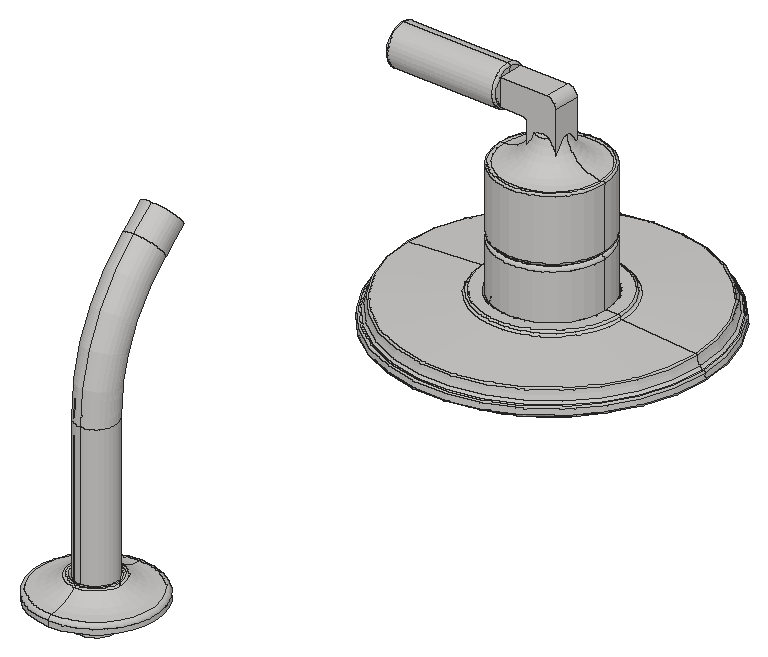
Revit family "fgt14248-lhd_bim", category Plumbing Fixtures, host Face, Revit 2014
Parameters (values of type "Standard")
  Width = 6 65/128"  # constant formula
  Vent Connection = no
  URL = ""
  Manufacturer = ""
  Faucet Material = Metal - Delta - Stainless-Steel
  Model = "fgt14248-lhd"  # constant formula
  Height = 4 9/16"  # constant formula
  Description = "Faucet"  # constant formula
  Depth = 4 33/64"  # constant formula
  Default Elevation = 0"
Reference planes (in)
  plane 1 "Center (Front/Back)": y = 0
  plane 2: z = 0
  plane 3 "Center (Left/Right)": x = 0
  plane 4: y = 2.25781
  plane 5: y = -2.25781
  plane 6: x = 10.125
  plane 7: x = -3.25391
  plane 8: x = 3.25391
  plane 9: z = 4.5625
Forms (in)
  Revolve 1, solid, material "Metal - Delta - Stainless-Steel" <- "Faucet Material"
    sketch origin (0, -0.1416, 0) x (1, 0, 0) y (0, 0, 1)
      loop
        line (-2.98806, -0.14103) -> (-2.80424, -0.14103) -> (-2.80424, 0.33889) -> (-1.01723, 0.33889) -> (-0.71557, 1.615) -> (-0.90056, 2.93121) -> (0, 3.01) -> (0, 3.67) -> (-0.23594, 3.67)
        arc (-0.23594, 3.67) -> (-0.27995, 3.65446) -> (-0.30444, 3.61473) r 0.07009
        arc (-0.30444, 3.61473) -> (-0.55257, 3.196) -> (-1.00235, 3.01) r 0.76931
        line (-1.00235, 3.01) -> (-1.06167, 3.01)
        arc (-1.06167, 3.01) -> (-1.08648, 2.99972) -> (-1.09676, 2.9749) r 0.0351
        line (-1.09676, 2.9749) -> (-1.09681, 1.6968)
        arc (-1.09681, 1.6968) -> (-1.09013, 1.68068) -> (-1.07401, 1.674) r 0.0228
        line (-1.07401, 1.674) -> (-0.82677, 1.674) -> (-0.82677, 1.63573)
        arc (-0.82677, 1.63573) -> (-0.83284, 1.62107) -> (-0.8475, 1.615) r 0.02073
        line (-0.8475, 1.615) -> (-1.033, 1.615)
        arc (-1.033, 1.615) -> (-1.07985, 1.59559) -> (-1.09926, 1.54874) r 0.06626
        line (-1.09926, 1.54874) -> (-1.09926, 0.5148) -> (-1.12268, 0.56502)
        arc (-1.12268, 0.56502) -> (-1.12439, 0.58552) -> (-1.13899, 0.6) r 0.02972
        line (-1.13899, 0.6) -> (-1.38792, 0.6)
        arc (-1.38792, 0.6) -> (-1.41416, 0.59073) -> (-1.42876, 0.56703) r 0.04178
        arc (-1.42876, 0.56703) -> (-1.44514, 0.54028) -> (-1.47463, 0.5296) r 0.04744
        arc (-1.47463, 0.5296) -> (-2.24957, 0.50236) -> (-3.02221, 0.43686) r 15.69152
        arc (-3.02221, 0.43686) -> (-3.04432, 0.42667) -> (-3.05588, 0.40524) r 0.03842
        arc (-3.05588, 0.40524) -> (-3.07661, 0.31853) -> (-3.10801, 0.23509) r 0.71209
        arc (-3.10801, 0.23509) -> (-3.12853, 0.20556) -> (-3.15833, 0.18544) r 0.09783
        line (-3.15833, 0.18544) -> (-3.19147, 0.17108)
        arc (-3.19147, 0.17108) -> (-3.20971, 0.15682) -> (-3.21866, 0.13546) r 0.0459
        line (-3.21866, 0.13546) -> (-3.23453, 0.02435)
        arc (-3.23453, 0.02435) -> (-3.22953, 0.00736) -> (-3.21341, 0) r 0.02134
        line (-3.21341, 0) -> (-2.98806, 0) -> (-2.98806, -0.14103)
      loop
        line (-1.09927, -0.454) -> (-1.03115, -0.454) -> (-1.03115, 0.28) -> (-1.09927, 0.28) -> (-1.09927, -0.454)
      axis (0.01172, 3.67) -> (0.01172, -0.454)
    angle from 0 to 360
  Extrusion 2, solid, material "Metal - Delta - Stainless-Steel" <- "Faucet Material"
    sketch origin (0, 0, 0) x (1, 0, 0) y (0, 0, 1)
      loop
        line (-0.96224, 4.41195) -> (-0.96224, 3.86195) -> (-0.40276, 3.86195)
        arc (-0.40276, 3.86195) -> (-0.32627, 3.83027) -> (-0.29458, 3.75378) r 0.10817
        line (-0.29458, 3.75378) -> (-0.29458, 3.18989) -> (0.31323, 3.18989) -> (0.31323, 4.21322)
        arc (0.31323, 4.21322) -> (0.25502, 4.35375) -> (0.1145, 4.41195) r 0.19873
        line (0.1145, 4.41195) -> (-0.96224, 4.41195)
    from -0.13508 to 0.41442
  Revolve 3, solid, material "Metal - Delta - Stainless-Steel" <- "Faucet Material"
    sketch origin (-0.04688, -0.14063, 0) x (1, 0, 0) y (0, 0, 1)
      loop
        line (-3.13677, 4.13695) -> (-0.83677, 4.13695) -> (-0.83677, 4.5042)
        arc (-0.83677, 4.5042) -> (-0.85051, 4.53736) -> (-0.88367, 4.5511) r 0.0469
        line (-0.88367, 4.5511) -> (-3.08669, 4.5511)
        arc (-3.08669, 4.5511) -> (-3.1221, 4.53643) -> (-3.13677, 4.50102) r 0.05008
        line (-3.13677, 4.50102) -> (-3.13677, 4.13695)
      axis (-0.83677, 4.13695) -> (-3.13677, 4.13695)
    angle from 0 to 360
  Revolve 4, solid, material "Metal - Delta - Stainless-Steel" <- "Faucet Material"
    sketch origin (0, -0.14063, 0) x (1, 0, 0) y (0, 0, 1)
      loop
        line (-0.6159, -1.257) -> (-0.56478, -1.184) -> (-0.56478, -1.079) -> (-0.62202, -1.079) -> (-0.39081, -0.549) -> (-0.39081, 0.5148) -> (-0.85175, 0.5148) -> (-0.85175, -0.43434) -> (-0.71583, -0.43434) -> (-0.71583, -1.08436) -> (-0.67829, -1.11064) -> (-0.67829, -1.18703) -> (-0.71583, -1.18703) -> (-0.71583, -1.224)
        arc (-0.71583, -1.224) -> (-0.70617, -1.24734) -> (-0.68283, -1.257) r 0.033
        line (-0.68283, -1.257) -> (-0.6159, -1.257)
      axis (-0.39081, 0.5148) -> (-0.39081, -1.257)
    angle from 0 to 360
  Revolve 5, solid, material "Metal - Delta - Stainless-Steel" <- "Faucet Material"
    sketch origin (0.03125, -0.14063, 0) x (-1, 0, 0) y (0, 0, -1)
      loop
        line (-0.6159, 1.257) -> (-0.68283, 1.257)
        arc (-0.68283, 1.257) -> (-0.70617, 1.24734) -> (-0.71583, 1.224) r 0.033
        line (-0.71583, 1.224) -> (-0.71583, 1.18703) -> (-0.67829, 1.18703) -> (-0.67829, 1.11064) -> (-0.71583, 1.08436) -> (-0.71583, 0.43434) -> (-0.85175, 0.43434) -> (-0.85175, -0.5148) -> (-0.39081, -0.5148) -> (-0.39081, 0.549) -> (-0.62202, 1.079) -> (-0.56478, 1.079) -> (-0.56478, 1.184) -> (-0.6159, 1.257)
      axis (-0.39081, -0.5148) -> (-0.39081, 1.257)
    angle from 0 to 360
  Revolve 6, solid, material "Metal - Delta - Stainless-Steel" <- "Faucet Material"
    sketch origin (-0.03906, 0, 0) x (0, 1, 0) y (0, 0, 1)
      loop
        line (-13.39008, 0) -> (-13.33166, 0) -> (-13.33166, 0.15036)
        arc (-13.33166, 0.15036) -> (-12.99697, 0.22044) -> (-12.70257, 0.39441) r 1.04933
        line (-12.70257, 0.39441) -> (-12.58133, 0.41145) -> (-12.54461, 0.15013) -> (-12.51098, 0.15013) -> (-12.51098, 0.24599) -> (-12.52758, 0.36416) -> (-12.55736, 0.37499) -> (-12.55736, 0.41164)
        arc (-12.55736, 0.41164) -> (-12.5683, 0.43806) -> (-12.59471, 0.449) r 0.03736
        line (-12.59471, 0.449) -> (-12.64454, 0.449)
        arc (-12.64454, 0.449) -> (-12.66937, 0.44458) -> (-12.69115, 0.43188) r 0.07198
        arc (-12.69115, 0.43188) -> (-12.97941, 0.25878) -> (-13.30799, 0.18741) r 1.03316
        arc (-13.30799, 0.18741) -> (-13.36628, 0.16064) -> (-13.39008, 0.10107) r 0.08645
        line (-13.39008, 0.10107) -> (-13.39008, 0)
      axis (-12.13857, 0.449) -> (-12.13857, 0)
    angle from 0 to 360
  Sweep 7, solid, material "Metal - Delta - Stainless-Steel" <- "Faucet Material"
    path origin (-0.10156, 0, 0) x (0, 1, 0) y (0, 0, 1)
      loop
        line (-12.13857, -0.53) -> (-12.13857, 3.40983)
        arc (-12.13857, 3.40983) -> (-11.8055, 4.91224) -> (-10.86869, 6.13312) r 3.55499
        line (-10.86869, 6.13312) -> (-10.39622, 6.52956)
    profile origin (-0.10156, -12.13857, 1.43992) x (0, -1, 0) y (1, 0, 0)
      loop
        circle (0, 0.0625) r 0.40603
      loop
        circle (0, 0.0625) r 0.36168
Dimensions and locks (in)
  equal spacing: plane 4, plane 1 "Center (Front/Back)", plane 5
  "Depth": plane 4 to plane 5
  equal spacing: plane 7, plane 3 "Center (Left/Right)", plane 8
  "Width": plane 7 to plane 8
  "Height": plane 9 to plane 2
  aligned and locked: plane 2 to host face
  aligned and locked: level to host face
Automatic sketch dimensions
  host sketch curve to host sketch curve = 96"  (x2)
  Extrusion 2 sketch curve to plane 9 = 0.15055"
  Extrusion 2 sketch curve to plane 3 "Center (Left/Right)" = 0.96224"
  Extrusion 2 sketch curve to plane 3 "Center (Left/Right)" = 0.40276"
  Extrusion 2 sketch curve to Extrusion 2 sketch curve = 0.10817"
  plane 3 "Center (Left/Right)" to Extrusion 2 sketch curve = 0.1145"
  Extrusion 2 sketch curve to Extrusion 2 sketch curve = 0.19873"
  Extrusion 2 sketch curve to Extrusion 2 sketch curve = 0.55"
  Extrusion 2 sketch curve to Extrusion 2 sketch curve = 1.02334"
  Revolve 3 sketch curve to plane 9 = 0.06148"
  plane 7 to Revolve 3 sketch curve = 0.07026"
  Revolve 3 sketch curve to Revolve 3 sketch curve = 0.05008"
  Revolve 3 sketch curve to plane 9 = 0.0583"
  Revolve 3 sketch curve to plane 3 "Center (Left/Right)" = 0.93055"
  Revolve 3 sketch curve to Revolve 3 sketch curve = 0.36407"
  Revolve 3 sketch curve to Revolve 3 sketch curve = 0.2673"
  Revolve 3 sketch curve to Revolve 3 sketch curve = 0.10211"
  Revolve 3 sketch curve to Revolve 3 sketch curve = 0"
  Revolve 4 sketch curve to plane 3 "Center (Left/Right)" = 0.85175"
  Revolve 4 sketch curve to Revolve 4 sketch curve = 0.13592"
  Revolve 4 sketch curve to Revolve 4 sketch curve = 0"
  Revolve 4 sketch curve to Revolve 4 sketch curve = 0.033"
  Revolve 4 sketch curve to Revolve 4 sketch curve = 0.00454"
  Revolve 4 sketch curve to Revolve 4 sketch curve = 0.05627"
  Revolve 4 sketch curve to Revolve 4 sketch curve = 0.06694"
  Revolve 4 sketch curve to Revolve 4 sketch curve = 0.05724"
  Revolve 4 sketch curve to Revolve 4 sketch curve = 0.32502"
  Revolve 4 sketch curve to level = 1.257"
  Revolve 4 sketch curve to Revolve 4 sketch curve = 0.03698"
  Revolve 4 sketch curve to Revolve 4 sketch curve = 0.073"
  Revolve 4 sketch curve to Revolve 4 sketch curve = 0.07638"
  Revolve 4 sketch curve to Revolve 4 sketch curve = 0.02629"
  Revolve 4 sketch curve to Revolve 4 sketch curve = 0.105"
  Revolve 4 sketch curve to level = 0.549"
  Revolve 4 sketch curve to Revolve 4 sketch curve = 0.11466"
  level to Revolve 4 sketch curve = 0.5148"
  Revolve 4 sketch curve to level = 0.05676"
  Revolve 4 sketch curve to plane 3 "Center (Left/Right)" = 0.39081"
  Revolve 4 sketch curve to Revolve 4 sketch curve = 0.19011"
  plane 3 "Center (Left/Right)" to Revolve 5 sketch curve = 0.883"
  Revolve 5 sketch curve to Revolve 5 sketch curve = 0.13592"
  Revolve 5 sketch curve to Revolve 5 sketch curve = 0"
  Revolve 5 sketch curve to Revolve 5 sketch curve = 0.033"
  Revolve 5 sketch curve to Revolve 5 sketch curve = 0.00454"
  Revolve 5 sketch curve to Revolve 5 sketch curve = 0.05627"
  Revolve 5 sketch curve to Revolve 5 sketch curve = 0.06694"
  Revolve 5 sketch curve to Revolve 5 sketch curve = 0.05724"
  Revolve 5 sketch curve to Revolve 5 sketch curve = 0.32502"
  level to Revolve 5 sketch curve = 0.5148"
  Revolve 5 sketch curve to level = 0.43434"
  Revolve 5 sketch curve to Revolve 5 sketch curve = 0.11466"
  Revolve 5 sketch curve to Revolve 5 sketch curve = 0.53"
  Revolve 5 sketch curve to Revolve 5 sketch curve = 0.00536"
  Revolve 5 sketch curve to Revolve 5 sketch curve = 0.02629"
  Revolve 5 sketch curve to Revolve 5 sketch curve = 0.105"
  Revolve 5 sketch curve to Revolve 5 sketch curve = 0.07638"
  Revolve 5 sketch curve to Revolve 5 sketch curve = 0.03698"
  Revolve 5 sketch curve to level = 0.05676"
  plane 3 "Center (Left/Right)" to Revolve 5 sketch curve = 0.42206"
  Revolve 5 sketch curve to Revolve 5 sketch curve = 0.19011"
  Revolve 6 sketch curve to level = 0"
  level to Revolve 6 sketch curve = 0.10107"
  Revolve 6 sketch curve to plane 5 = 11.13226"
  Revolve 6 sketch curve to Revolve 6 sketch curve = 0.01359"
  Revolve 6 sketch curve to Revolve 6 sketch curve = 0.01643"
  Revolve 6 sketch curve to Revolve 6 sketch curve = 0.05841"
  Revolve 6 sketch curve to Revolve 6 sketch curve = 0.02804"
  level to Revolve 6 sketch curve = 0.39441"
  Revolve 6 sketch curve to Revolve 6 sketch curve = 0.60106"
  Revolve 6 sketch curve to Revolve 6 sketch curve = 0.05803"
  Revolve 6 sketch curve to Revolve 6 sketch curve = 0.04983"
  level to Revolve 6 sketch curve = 0.41145"
  Revolve 6 sketch curve to Revolve 6 sketch curve = 0.01338"
  Revolve 6 sketch curve to Revolve 6 sketch curve = 0.02398"
  level to Revolve 6 sketch curve = 0.15013"
  level to Revolve 6 sketch curve = 0.36416"
  Revolve 6 sketch curve to Revolve 6 sketch curve = 0.02977"
  Revolve 6 sketch curve to Revolve 6 sketch curve = 0.03363"
  Revolve 6 sketch curve to Revolve 6 sketch curve = 0.04928"
  Revolve 6 sketch curve to Revolve 6 sketch curve = 0.09586"
  Revolve 6 sketch curve to Revolve 6 sketch curve = 0.01084"
  Revolve 6 sketch curve to Revolve 6 sketch curve = 0.0174"
  Revolve 6 sketch curve to Revolve 6 sketch curve = 0.00019"
  Revolve 6 sketch curve to Revolve 6 sketch curve = 0.02053"
  Revolve 6 sketch curve to Revolve 6 sketch curve = 0"
  level to Revolve 6 sketch curve = 0.06428"
  Revolve 6 sketch curve to Revolve 6 sketch curve = 0.3724"
  Revolve 6 sketch curve to Revolve 6 sketch curve = 0.38472"
  Sweep 7 sketch curve to plane 9 = 1.15267"
  Sweep 7 sketch curve to plane 5 = 9.88076"
  plane 9 to Sweep 7 sketch curve = 1.57062"
  Sweep 7 sketch curve to Sweep 7 sketch curve = 1.26989"
  plane 9 to Sweep 7 sketch curve = 1.96706"
  Sweep 7 sketch curve to Sweep 7 sketch curve = 0.47246"
  Sweep 7 sketch curve to level = 0.53"
  Sweep 7 sketch curve to Sweep 7 sketch curve = 0"  (x2)
  Sweep 7 sketch curve to profile plane = 0"
  profile plane to Sweep 7 sketch curve = 1/16"
  Revolve 1 sketch curve to level = 0"
  Revolve 1 sketch curve to plane 3 "Center (Left/Right)" = 0"
  Revolve 1 sketch curve to plane 3 "Center (Left/Right)" = 0.23594"
  Revolve 1 sketch curve to plane 3 "Center (Left/Right)" = 0.71557"
  Revolve 1 sketch curve to Revolve 1 sketch curve = 0.1112"
  Revolve 1 sketch curve to Revolve 1 sketch curve = 0.02073"  (x2)
  Revolve 1 sketch curve to plane 3 "Center (Left/Right)" = 0.90056"
  Revolve 1 sketch curve to Revolve 1 sketch curve = 0.10179"
  level to Revolve 1 sketch curve = 0.33889"
  Revolve 1 sketch curve to plane 3 "Center (Left/Right)" = 1.01723"
  Revolve 1 sketch curve to Revolve 1 sketch curve = 0.01392"
  Revolve 1 sketch curve to Revolve 1 sketch curve = 0.1855"
  Revolve 1 sketch curve to Revolve 1 sketch curve = 0.05401"
  Revolve 1 sketch curve to Revolve 1 sketch curve = 0.05932"
  Revolve 1 sketch curve to Revolve 1 sketch curve = 0.04101"
  Revolve 1 sketch curve to Revolve 1 sketch curve = 0.0351"
  Revolve 1 sketch curve to Revolve 1 sketch curve = 0.0228"  (x2)
  Revolve 1 sketch curve to Revolve 1 sketch curve = 21/256"
  Revolve 1 sketch curve to Revolve 1 sketch curve = 0.06812"
  Revolve 1 sketch curve to Revolve 1 sketch curve = 3/128"
  Revolve 1 sketch curve to Revolve 1 sketch curve = 0.01631"
  Revolve 1 sketch curve to Revolve 1 sketch curve = 0.02864"
  Revolve 1 sketch curve to plane 3 "Center (Left/Right)" = 1.31091"
  Revolve 1 sketch curve to Revolve 1 sketch curve = 0.2366"
  Revolve 1 sketch curve to Revolve 1 sketch curve = 0.08721"
  Revolve 1 sketch curve to level = 0.14103"
  plane 7 to Revolve 1 sketch curve = 0.44967"
  Revolve 1 sketch curve to Revolve 1 sketch curve = 0.18382"
  Revolve 1 sketch curve to Revolve 1 sketch curve = 0.21378"
  plane 7 to Revolve 1 sketch curve = 0.09557"
  Revolve 1 sketch curve to Revolve 1 sketch curve = 0.01489"
  Revolve 1 sketch curve to Revolve 1 sketch curve = 0.03314"
  plane 7 to Revolve 1 sketch curve = 0.05667"
  plane 7 to Revolve 1 sketch curve = 0.0405"
  plane 7 to Revolve 1 sketch curve = 0.03525"
  plane 7 to Revolve 1 sketch curve = 0.01937"
  Revolve 1 sketch curve to plane 7 = 0.50356"
  Revolve 1 sketch curve to level = 0.454"
  Revolve 1 sketch curve to Revolve 1 sketch curve = 14.70706"
  Revolve 1 sketch curve to Revolve 1 sketch curve = 0.02134"
  Revolve 1 sketch curve to Revolve 1 sketch curve = 0.10764"
  Revolve 1 sketch curve to Revolve 1 sketch curve = 0.00649"
  Revolve 1 sketch curve to Revolve 1 sketch curve = 0.01436"
  Revolve 1 sketch curve to Revolve 1 sketch curve = 0.08977"
  Revolve 1 sketch curve to Revolve 1 sketch curve = 0.05889"
  Revolve 1 sketch curve to Revolve 1 sketch curve = 0.12346"
  Revolve 1 sketch curve to Revolve 1 sketch curve = 0.17592"
  level to Revolve 1 sketch curve = 0.52713"
  Revolve 1 sketch curve to Revolve 1 sketch curve = 0.04342"
  Revolve 1 sketch curve to Revolve 1 sketch curve = 0.05022"
  Revolve 1 sketch curve to Revolve 1 sketch curve = 0.00794"
  Revolve 1 sketch curve to Revolve 1 sketch curve = 0.01881"
  Revolve 1 sketch curve to Revolve 1 sketch curve = 0.94874"
  Revolve 1 sketch curve to Revolve 1 sketch curve = 0.03827"
  Revolve 1 sketch curve to Revolve 1 sketch curve = 1.23441"
  Revolve 1 sketch curve to Revolve 1 sketch curve = 0.04369"
  Revolve 1 sketch curve to Revolve 1 sketch curve = 0"  (x5)
  Revolve 1 sketch curve to Revolve 1 sketch curve = 0.07879"
  Revolve 1 sketch curve to Revolve 1 sketch curve = 0.58991"
  Revolve 1 sketch curve to Revolve 1 sketch curve = 0.07009"
  Revolve 1 sketch curve to Revolve 1 sketch curve = 0.76741"
  plane 3 "Center (Left/Right)" to Revolve 1 sketch curve = 3/256"
  Revolve 1 sketch curve to Revolve 1 sketch curve = 0.39548"
  Revolve 1 sketch curve to Revolve 1 sketch curve = 0.33"
  radius of Sweep 7 sketch curve = 0.40603"
  radius of Sweep 7 sketch curve = 0.36168"
